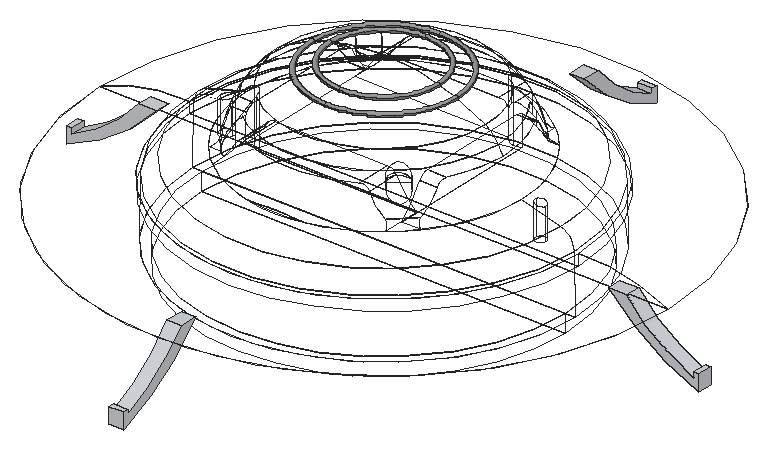
Revit family "Maxlogic détecteur de montage encastrée", category Fire Alarm Devices, host Face, Revit 2021
Family settings
  Host = Face
  Maintain Annotation Orientation = Yes
  Round Connector Dimension = Use Diameter
  Part Type = Normal
  OmniClass Number = 23.85.30.21
  OmniClass Title = Environmental Detection/Registration
  Cut with Voids When Loaded = No
  Shared = No
  Room Calculation Point = No
Parameters (values of type "Maxlogic Conventionnelle détecteur de multi-capteur,base de montage encastrèe")
  Poids = "141 gr"
  Détection de Radius = "4,5 m"
  Bôitier de montage en surface étanche = "ML-0121"
  Unité de durée de garantie = "Ans"
  Durée de la garantie  de pièces rechange = "2"
  Durée de la travail = "2"
  Version = ""
  URL = "https://www.mavili.com.tr/"
  Socle Montage de Plafond = "ML-0150"
  Numéro de pose des travaux public = "832-109"
  Protection de Classe = ""
  Code de Produit = "ML-2140"
  Numèro de Téléphone = "(+)90 216 466 45 05"
  Voltage de fonctionnement (défaut) = "26 V/DC"
  Voltage Fonction d'opération = "10-30V/DC"
  Tempèrature de Fonctionnement = "(-10°C) - (+50°C)"
  Largeur Nominal = "51 mm"
  Longeur Nominal = "106 mm"
  Hauteur Nominal = "106 mm"
  Cercle de Multi Critière = yes
  Surface de Montage = "Montage à Plafond"
  Hauteur de Montage = ""
  Model = "Maxlogic"
  Manufacturer = "Mavili Elektronik Ticaret A.Ş."
  Cercle de Chaleur = yes
  Manuel d'installation = "https://mavilielektronik.com/Revit/ML21XX_FR.pdf"
  Sortie d'indicateur = "MG-4000"
  Numèro de Fax = "(+)90 216 466 45 10"
  Alimentation d'externe = ""
  E-poste = "mavili@mavili.com.tr"
  Avertissement = ""
  Charger adresse d'appareil = ""
  Description = "Maxlogic Conventionnelle détecteur de multi-capteur ,base de montage encastrèe"
  Default Elevation = 0 mm
  Current de Consommation = ""
  Coût Unité = ""
  Cost = 0
  Socles Compatible  2 = "ML-0141"
  Socles Compatible = "ML-0140"
  Couleur = "Blanc"
  Code de Performance = "EN 54-5 / EN 54-7"
  Matèriel Principe = "Plastique Blanche PC/ABS"
  Deuxième Matèriel = "Plastique"
  Adresse ligne 1 = "Şerifali Mahallesi Kutup Sokak No:27/1-2-4 Ümraniye TR-34775 İSTANBUL"
Types (11, lengths in mm): name | Poids | Détection de Radius | Numéro de pose des travaux public | Code de Produit | Voltage Fonction d'opération | Cercle de Multi Critière | Surface de Montage | Cercle de Chaleur | Manuel d'installation | Sortie d'indicateur | Charger adresse d'appareil | Description | Code de Performance
  (no name) | "141 gr" | "4,5 m" | "832-109" | "ML-2140" | "10-30V/DC" | yes | "Montage à Plafond" | yes | "https://mavilielektronik.com/Revit/ML21XX_FR.pdf" | "MG-4000" | "" | "Maxlogic Conventionnelle détecteur de multi-capteur ,base de montage encastrèe" | "EN 54-5 / EN 54-7"
  Maxlogic Conventionnelle Détecteur de fumée optique  ,base de montage encastrèe | "140 gr" | "6,2 m" | "832-106" | "ML-2110" | "10-30V/DC" | no | "Montage à Plafond" | no | "https://mavilielektronik.com/Revit/ML21XX_FR.pdf" | "MG-4000" | "" | "Maxlogic Conventionnelle Détecteur de fumée optique  ,base de montage encastrèe" | "EN 54-7"
  Maxlogic Adressable Détecteur de fumée optique ,base de montage encastrèe | "100 gr" | "6,2 m" | "833-500" | "ML-1110" | "18-33V/DC" | no | "Montage à Plafond" | no | "https://mavilielektronik.com/Revit/ML11XX_FR.pdf" | "MG-4000.A" | "Appareil d'adressage à Main" | "Adressable Détecteur de fumée optique ,base de montage encastrèe" | "EN 54-7"
  Maxlogic Adressable Détecteur de fumée optique  ,base de montage encastrèe,Isolateur de Court-Circuit | "100 gr" | "6,2 m" | "833-501" | "ML-1110.SCI" | "18-33V/DC" | no | "Montage à Plafond" | no | "https://mavilielektronik.com/Revit/ML11XX_FR.pdf" | "MG-4000.A" | "Appareil d'adressage à Main" | "Adressable Détecteur de fumée optique  ,base de montage encastrèe,Isolateur de Court-Circuit" | "EN 54-7 / EN 54-17"
  Maxlogic Conventionnelle  Détecteur de chaleur fixe ,base de montage encastrèe | "135 gr" | "4,5 m" | "832-102" | "ML-2120" | "10-30V/DC" | no | "Montage à Plafond" | yes | "https://mavilielektronik.com/Revit/ML21XX_FR.pdf" | "MG-4000" | "" | "Maxlogic Conventionnelle Détecteur de chaleur fixe ,base de montage encastrèe" | "EN 54-5"
  Maxlogic Conventionnelle Détecteur de chaleurbase de montage encastrèe | "135 gr" | "4,5 m" | "832-103" | "ML-2130" | "10-30V/DC" | no | "Montage à Mur" | yes | "https://mavilielektronik.com/Revit/ML21XX_FR.pdf" | "MG-4000" | "" | "Détecteur de chaleur conventionelle,base de montage encastrèe" | "EN 54-5"
  Maxlogic Adressable Détecteur de chaleur combiné ,base de montage encastrèe | "95 gr" | "4,5 m" | "833-520" | "ML-1130" | "18-33V/DC" | no | "Montage à Plafond" | yes | "https://mavilielektronik.com/Revit/ML11XX_FR.pdf" | "MG-4000.A" | "Appareil d'adressage à Main" | "Détecteur de  chaleur combiné adressable,base de montage encastrèe" | "EN 54-5"
  Maxlogic Adressable Détecteur de chaleur combiné ,base de montage encastrèe,Isolateur de Court-Circuit | "95 gr" | "4,5 m" | "833-521" | "ML-1130.SCI" | "18-33V/DC" | no | "Montage à Plafond" | yes | "https://mavilielektronik.com/Revit/ML11XX_FR.pdf" | "MG-4000.A" | "Appareil d'adressage à Main" | "Maxlogic Détecteur de  chaleur combiné adressable,base de montage encastrèe,Isolateur de Court-Circuit" | "EN 54-5 / EN 54-17"
  Maxlogic Conventionnelle détecteur de multi-capteur,base de montage encastrèe | "141 gr" | "4,5 m" | "832-109" | "ML-2140" | "10-30V/DC" | yes | "Montage à Plafond" | yes | "https://mavilielektronik.com/Revit/ML21XX_FR.pdf" | "MG-4000" | "" | "Maxlogic Conventionnelle détecteur de multi-capteur ,base de montage encastrèe" | "EN 54-5 / EN 54-7"
  Maxlogic Adressable détecteur de multi-capteur  ,base de montage encastrèe , base de montage encastrèe | "100 gr" | "4,5 m" | "833-530" | "ML-1140" | "18-33V/DC" | yes | "Montage à Plafond" | yes | "https://mavilielektronik.com/Revit/ML11XX_FR.pdf" | "MG-4000.A" | "Appareil d'adressage à Main" | "Maxlogic détecteur de multi-capteur Adressable ,base de montage encastrèe , base de montage encastrèe" | "EN 54-5 / EN 54-7 / EN 54-17"
  Maxlogic Adressable détecteur de multi-capteur ,base de montage encastrèe , base de montage encastrèe,Isolateur de Court-Circuit | "100 gr" | "4,5 m" | "833-531" | "ML-1140.SCI" | "18-33V/DC" | yes | "Montage à Plafond" | yes | "https://mavilielektronik.com/Revit/ML11XX_FR.pdf" | "MG-4000.A" | "Appareil d'adressage à Main" | "Détecteur de multi-capteur Adressable ,base de montage encastrèe , base de montage encastrèe,Isolateur de Court-Circuit" | "EN 54-5 / EN 54-7 / EN 54-17"
Reference planes
  plane 1 "Center (Front/Back)": y = 0
  plane 2: z = 0
  plane 3 "Center (Left/Right)": x = 0
Forms (mm)
  Revolve 1, solid, material "Mavili beyaz"
    sketch origin (0, 0, -16) x (1, 0, 0) y (0, 0, 1)
      loop
        line (-52.919, 5) -> (0, 5) -> (0, 51.518)
        arc (0, 51.518) -> (-14.553, 49.716) -> (-28.057, 44) r 53.06
        arc (-28.057, 44) -> (-30.023, 42.467) -> (-31.557, 40.5) r 10.149
        arc (-31.557, 40.5) -> (-33.994, 35.835) -> (-35.524, 30.799) r 28.268
        arc (-35.524, 30.799) -> (-36.595, 29.67) -> (-38, 29) r 4.27
        line (-38, 29) -> (-48.929, 26.072)
        arc (-48.929, 26.072) -> (-51.575, 24.32) -> (-52.634, 21.329) r 5
        line (-52.634, 21.329) -> (-52.919, 5)
      axis (0, 5) -> (0, 51.518)
    angle from 0 to 360
  Revolve 2, solid, material "Mavili beyaz"
    sketch origin (-150, 0, -16) x (1, 0, 0) y (0, 0, 1)
      loop
        line (99.626, 5) -> (99.626, 0) -> (149.926, 0) -> (149.926, 5) -> (99.626, 5)
      axis (149.926, 0) -> (149.926, 5)
    angle from 0 to 360
  Extrusion 3, void
    sketch origin (-0.604, 5.6, -16) x (0, -1, 0) y (0, 0, 1)
      loop
        spline (-12.932, 36.606) -> (-13.32, 35.909) -> (-13.72, 35.223) -> (-14.132, 34.547) -> (-14.556, 33.882) -> (-14.992, 33.229) -> (-15.439, 32.588) -> (-15.897, 31.958) -> (-16.366, 31.341) -> (-16.847, 30.737) -> (-17.338, 30.145) -> (-17.839, 29.566) -> (-18.351, 29)
        line (-18.351, 29) -> (29.551, 29)
        spline (29.551, 29) -> (28.951, 29.556) -> (28.363, 30.124) -> (27.786, 30.704) -> (27.219, 31.297) -> (26.664, 31.901) -> (26.121, 32.516) -> (25.589, 33.143) -> (25.07, 33.781) -> (24.562, 34.43) -> (24.067, 35.09) -> (23.585, 35.759) -> (23.115, 36.439)
        spline (23.115, 36.439) -> (22.965, 36.668) -> (22.796, 36.886) -> (22.611, 37.091) -> (22.411, 37.28) -> (22.199, 37.451) -> (21.978, 37.602) -> (21.751, 37.73) -> (21.521, 37.835) -> (21.289, 37.914) -> (21.06, 37.967) -> (20.837, 37.993) -> (20.618, 38)
        line (20.618, 38) -> (-10.439, 37.994)
        spline (-10.439, 37.994) -> (-10.678, 37.983) -> (-10.918, 37.951) -> (-11.159, 37.897) -> (-11.397, 37.822) -> (-11.63, 37.727) -> (-11.856, 37.613) -> (-12.072, 37.481) -> (-12.276, 37.332) -> (-12.466, 37.169) -> (-12.64, 36.992) -> (-12.796, 36.804) -> (-12.932, 36.606)
    from 23.347 to 38.235
  Extrusion 4, void
    sketch origin (5.6, -13.629, -16) x (-1, 0, 0) y (0, 0, -1)
      loop
        spline (-12.932, -36.606) -> (-12.796, -36.804) -> (-12.64, -36.992) -> (-12.466, -37.169) -> (-12.276, -37.332) -> (-12.072, -37.481) -> (-11.856, -37.613) -> (-11.63, -37.727) -> (-11.397, -37.822) -> (-11.159, -37.897) -> (-10.918, -37.951) -> (-10.678, -37.983) -> (-10.439, -37.994)
        line (-10.439, -37.994) -> (20.618, -38)
        spline (20.618, -38) -> (20.837, -37.993) -> (21.06, -37.967) -> (21.289, -37.914) -> (21.521, -37.835) -> (21.751, -37.73) -> (21.978, -37.602) -> (22.199, -37.451) -> (22.411, -37.28) -> (22.611, -37.091) -> (22.796, -36.886) -> (22.965, -36.668) -> (23.115, -36.439)
        spline (23.115, -36.439) -> (23.585, -35.759) -> (24.067, -35.09) -> (24.562, -34.43) -> (25.07, -33.781) -> (25.589, -33.143) -> (26.121, -32.516) -> (26.664, -31.901) -> (27.219, -31.297) -> (27.786, -30.704) -> (28.363, -30.124) -> (28.951, -29.556) -> (29.551, -29)
        line (29.551, -29) -> (-18.351, -29)
        spline (-18.351, -29) -> (-17.839, -29.566) -> (-17.338, -30.145) -> (-16.847, -30.737) -> (-16.366, -31.341) -> (-15.897, -31.958) -> (-15.439, -32.588) -> (-14.992, -33.229) -> (-14.556, -33.882) -> (-14.132, -34.547) -> (-13.72, -35.223) -> (-13.32, -35.909) -> (-12.932, -36.606)
    from 5.109 to 23.424
  Extrusion 5, void
    sketch origin (5.6, 59.203, -16) x (-1, 0, 0) y (0, 0, 1)
      loop
        spline (-12.932, 36.606) -> (-13.32, 35.909) -> (-13.72, 35.223) -> (-14.132, 34.547) -> (-14.556, 33.882) -> (-14.992, 33.229) -> (-15.439, 32.588) -> (-15.897, 31.958) -> (-16.366, 31.341) -> (-16.847, 30.737) -> (-17.338, 30.145) -> (-17.839, 29.566) -> (-18.351, 29)
        line (-18.351, 29) -> (29.551, 29)
        spline (29.551, 29) -> (28.951, 29.556) -> (28.363, 30.124) -> (27.786, 30.704) -> (27.219, 31.297) -> (26.664, 31.901) -> (26.121, 32.516) -> (25.589, 33.143) -> (25.07, 33.781) -> (24.562, 34.43) -> (24.067, 35.09) -> (23.585, 35.759) -> (23.115, 36.439)
        spline (23.115, 36.439) -> (22.965, 36.668) -> (22.796, 36.886) -> (22.611, 37.091) -> (22.411, 37.28) -> (22.199, 37.451) -> (21.978, 37.602) -> (21.751, 37.73) -> (21.521, 37.835) -> (21.289, 37.914) -> (21.06, 37.967) -> (20.837, 37.993) -> (20.618, 38)
        line (20.618, 38) -> (-10.439, 37.994)
        spline (-10.439, 37.994) -> (-10.678, 37.983) -> (-10.918, 37.951) -> (-11.159, 37.897) -> (-11.397, 37.822) -> (-11.63, 37.727) -> (-11.856, 37.613) -> (-12.072, 37.481) -> (-12.276, 37.332) -> (-12.466, 37.169) -> (-12.64, 36.992) -> (-12.796, 36.804) -> (-12.932, 36.606)
    from -39.5 to -20.535
  Extrusion 6, void
    sketch origin (39.396, 5.6, -16) x (0, -1, 0) y (0, 0, 1)
      loop
        spline (-12.932, 36.606) -> (-13.32, 35.909) -> (-13.72, 35.223) -> (-14.132, 34.547) -> (-14.556, 33.882) -> (-14.992, 33.229) -> (-15.439, 32.588) -> (-15.897, 31.958) -> (-16.366, 31.341) -> (-16.847, 30.737) -> (-17.338, 30.145) -> (-17.839, 29.566) -> (-18.351, 29)
        line (-18.351, 29) -> (29.551, 29)
        spline (29.551, 29) -> (28.951, 29.556) -> (28.363, 30.124) -> (27.786, 30.704) -> (27.219, 31.297) -> (26.664, 31.901) -> (26.121, 32.516) -> (25.589, 33.143) -> (25.07, 33.781) -> (24.562, 34.43) -> (24.067, 35.09) -> (23.585, 35.759) -> (23.115, 36.439)
        spline (23.115, 36.439) -> (22.965, 36.668) -> (22.796, 36.886) -> (22.611, 37.091) -> (22.411, 37.28) -> (22.199, 37.451) -> (21.978, 37.602) -> (21.751, 37.73) -> (21.521, 37.835) -> (21.289, 37.914) -> (21.06, 37.967) -> (20.837, 37.993) -> (20.618, 38)
        line (20.618, 38) -> (-10.439, 37.994)
        spline (-10.439, 37.994) -> (-10.678, 37.983) -> (-10.918, 37.951) -> (-11.159, 37.897) -> (-11.397, 37.822) -> (-11.63, 37.727) -> (-11.856, 37.613) -> (-12.072, 37.481) -> (-12.276, 37.332) -> (-12.466, 37.169) -> (-12.64, 36.992) -> (-12.796, 36.804) -> (-12.932, 36.606)
    from 0.766 to 15.446
  Extrusion 7, void
    sketch origin (1.322, 1.416, -12) x (0.087156, -0.996195, 0) y (-0.996195, -0.087156, 0)
      loop
        spline (16.87, 24.595) -> (16.963, 24.272) -> (17.107, 23.921) -> (17.305, 23.553) -> (17.56, 23.185) -> (17.87, 22.83) -> (18.224, 22.508) -> (18.612, 22.228) -> (19.022, 21.999) -> (19.436, 21.825) -> (19.839, 21.707) -> (20.213, 21.639) -> (20.55, 21.615)
        arc (20.55, 21.615) -> (22.96, 22.422) -> (24.65, 24.318) r 4.946
        spline (24.65, 24.318) -> (24.838, 24.591) -> (24.975, 24.904) -> (25.062, 25.252) -> (25.095, 25.63) -> (25.076, 26.032) -> (25.004, 26.452) -> (24.88, 26.884) -> (24.706, 27.321) -> (24.484, 27.757) -> (24.219, 28.185) -> (23.914, 28.599) -> (23.573, 28.992)
        spline (23.573, 28.992) -> (23.149, 29.264) -> (22.709, 29.497) -> (22.26, 29.69) -> (21.807, 29.839) -> (21.358, 29.942) -> (20.919, 29.998) -> (20.495, 30.005) -> (20.094, 29.964) -> (19.72, 29.875) -> (19.379, 29.74) -> (19.075, 29.561) -> (18.814, 29.339)
        arc (18.814, 29.339) -> (17.158, 27.248) -> (16.87, 24.595) r 4.815
    from -45.772 to -25
  Extrusion 8, void
    sketch origin (-1.322, -1.416, -12) x (-0.087156, 0.996195, 0) y (0.996195, 0.087156, 0)
      loop
        spline (16.87, 24.595) -> (16.963, 24.272) -> (17.107, 23.921) -> (17.305, 23.553) -> (17.56, 23.185) -> (17.87, 22.83) -> (18.224, 22.508) -> (18.612, 22.228) -> (19.022, 21.999) -> (19.436, 21.825) -> (19.839, 21.707) -> (20.213, 21.639) -> (20.55, 21.615)
        arc (20.55, 21.615) -> (22.96, 22.422) -> (24.65, 24.318) r 4.946
        spline (24.65, 24.318) -> (24.838, 24.591) -> (24.975, 24.904) -> (25.062, 25.252) -> (25.095, 25.63) -> (25.076, 26.032) -> (25.004, 26.452) -> (24.88, 26.884) -> (24.706, 27.321) -> (24.484, 27.757) -> (24.219, 28.185) -> (23.914, 28.599) -> (23.573, 28.992)
        spline (23.573, 28.992) -> (23.149, 29.264) -> (22.709, 29.497) -> (22.26, 29.69) -> (21.807, 29.839) -> (21.358, 29.942) -> (20.919, 29.998) -> (20.495, 30.005) -> (20.094, 29.964) -> (19.72, 29.875) -> (19.379, 29.74) -> (19.075, 29.561) -> (18.814, 29.339)
        arc (18.814, 29.339) -> (17.158, 27.248) -> (16.87, 24.595) r 4.815
    from -45.772 to -25
  Revolve 9, solid, material "Glass"
    sketch origin (0.301, -0.834, 20.83) x (0.996195, 0.087156, 0) y (-0.087156, 0.996195, 0)
      loop
        spline (-18.665, 27.53) -> (-19.251, 27.95) -> (-19.899, 28.27) -> (-20.595, 28.463) -> (-21.318, 28.496) -> (-22.023, 28.338) -> (-22.649, 27.979) -> (-23.134, 27.443) -> (-23.439, 26.785) -> (-23.559, 26.071) -> (-23.516, 25.347) -> (-23.339, 24.648) -> (-23.047, 23.981)
        spline (-23.047, 23.981) -> (-22.978, 23.855) -> (-22.905, 23.731) -> (-22.829, 23.609) -> (-22.75, 23.49) -> (-22.667, 23.372) -> (-22.58, 23.258) -> (-22.491, 23.145) -> (-22.398, 23.036) -> (-22.303, 22.929) -> (-22.204, 22.824) -> (-22.103, 22.722) -> (-21.998, 22.624)
        line (-21.998, 22.624) -> (-17.511, 26.168)
        spline (-17.511, 26.168) -> (-17.589, 26.296) -> (-17.67, 26.421) -> (-17.755, 26.544) -> (-17.843, 26.665) -> (-17.935, 26.783) -> (-18.03, 26.898) -> (-18.128, 27.01) -> (-18.229, 27.12) -> (-18.334, 27.227) -> (-18.441, 27.331) -> (-18.552, 27.432) -> (-18.665, 27.53)
      axis (-21.998, 22.624) -> (-17.511, 26.168)
    angle from 172.048 to -180
  Revolve 10, solid, material "Glass"
    sketch origin (-0.301, 0.834, 20.83) x (-0.996195, -0.087156, 0) y (0.087156, -0.996195, 0)
      loop
        spline (-18.665, 27.53) -> (-19.251, 27.95) -> (-19.899, 28.27) -> (-20.595, 28.463) -> (-21.318, 28.496) -> (-22.023, 28.338) -> (-22.649, 27.979) -> (-23.134, 27.443) -> (-23.439, 26.785) -> (-23.559, 26.071) -> (-23.516, 25.347) -> (-23.339, 24.648) -> (-23.047, 23.981)
        spline (-23.047, 23.981) -> (-22.978, 23.855) -> (-22.905, 23.731) -> (-22.829, 23.609) -> (-22.75, 23.49) -> (-22.667, 23.372) -> (-22.58, 23.258) -> (-22.491, 23.145) -> (-22.398, 23.036) -> (-22.303, 22.929) -> (-22.204, 22.824) -> (-22.103, 22.722) -> (-21.998, 22.624)
        line (-21.998, 22.624) -> (-17.511, 26.168)
        spline (-17.511, 26.168) -> (-17.589, 26.296) -> (-17.67, 26.421) -> (-17.755, 26.544) -> (-17.843, 26.665) -> (-17.935, 26.783) -> (-18.03, 26.898) -> (-18.128, 27.01) -> (-18.229, 27.12) -> (-18.334, 27.227) -> (-18.441, 27.331) -> (-18.552, 27.432) -> (-18.665, 27.53)
      axis (-21.998, 22.624) -> (-17.511, 26.168)
    angle from 172.048 to -180
  Sweep 11, solid, material "Mavili siyah.1", visible <- "Cercle de Chaleur"
    path origin (0, 0, 33.5) x (0, 1, 0) y (-1, 0, 0)
      loop
        arc (14.84, 0.029) -> (10.47, 10.578) -> (-0.079, 14.948) r 14.919
        arc (-0.079, 14.948) -> (-10.638, 10.574) -> (-15.012, 0.015) r 14.932
        arc (-15.012, 0.015) -> (-10.638, -10.543) -> (-0.079, -14.917) r 14.932
        arc (-0.079, -14.917) -> (10.479, -10.538) -> (14.84, 0.029) r 14.919
    profile origin (10.538, 10.479, 33.5) x (0.706483, 0.70773, 0) y (0, 0, 1)
      loop
        circle (0, 0) r 0.5
  Sweep 12, solid, material "Mavili siyah.1", visible <- "Cercle de Multi Critière"
    path origin (0, 0, 32.025) x (0, 1, 0) y (-1, 0, 0)
      loop
        arc (19.793, 0.005) -> (13.97, 14.063) -> (-0.088, 19.886) r 19.881
        arc (-0.088, 19.886) -> (-14.145, 14.063) -> (-19.968, 0.006) r 19.88
        arc (-19.968, 0.006) -> (-14.143, -14.057) -> (-0.079, -19.882) r 19.889
        arc (-0.079, -19.882) -> (13.978, -14.057) -> (19.793, 0.005) r 19.872
    profile origin (14.057, 13.978, 32.025) x (0.706832, 0.707382, 0) y (0, 0, 1)
      loop
        circle (0, 0) r 0.5
  Extrusion 13, void
    sketch origin (0, 0, 13) x (0, 1, 0) y (-1, 0, 0)
      loop
        circle (-2.981, 41.129) r 2
      loop
        circle (2.823, -41.129) r 1.5
    from 0 to -10
  Revolve 14, solid, material "Mavili beyaz"
    sketch origin (-14.86, -0.002, -23) x (0, 0, 1) y (-1, 0, 0)
      loop
        line (23, -14.86) -> (23, -93.56)
        arc (23, -93.56) -> (27.173, -81.372) -> (28.19, -68.53) r 51.479
        line (28.19, -68.53) -> (25.036, -68.53) -> (25.036, -14.86) -> (23, -14.86)
      axis (28.19, -14.86) -> (23, -14.86)
    angle from 0 to -360
  Extrusion 15, solid
    sketch origin (-1854.86, -0.002, -23) x (0, 0, 1) y (-1, 0, 0)
      loop
        line (23, -1922.328) -> (23, -1917.328)
        arc (23, -1917.328) -> (12.989, -1928.762) -> (6.137, -1942.328) r 60.593
        line (6.137, -1942.328) -> (10.433, -1942.328) -> (10.433, -1940.845) -> (9.063, -1940.845)
        arc (9.063, -1940.845) -> (14.882, -1930.721) -> (23, -1922.328) r 47.361
      loop
        arc (23, -1787.393) -> (14.882, -1779) -> (9.063, -1768.876) r 47.361
        line (9.063, -1768.876) -> (10.433, -1768.876) -> (10.433, -1767.393) -> (6.137, -1767.393)
        arc (6.137, -1767.393) -> (12.989, -1780.959) -> (23, -1792.393) r 60.593
        line (23, -1792.393) -> (23, -1787.393)
    from 0.489 to -3.501
  Extrusion 16, solid
    sketch origin (1.506, -1850.718, -22) x (0, 0, 1) y (0, -1, 0)
      loop
        line (23, -1922.328) -> (23, -1917.328)
        arc (23, -1917.328) -> (12.989, -1928.762) -> (6.137, -1942.328) r 60.593
        line (6.137, -1942.328) -> (10.433, -1942.328) -> (10.433, -1940.845) -> (9.063, -1940.845)
        arc (9.063, -1940.845) -> (14.882, -1930.721) -> (23, -1922.328) r 47.361
      loop
        arc (23, -1778.126) -> (14.882, -1769.733) -> (9.063, -1759.609) r 47.361
        line (9.063, -1759.609) -> (10.433, -1759.609) -> (10.433, -1758.126) -> (6.137, -1758.126)
        arc (6.137, -1758.126) -> (12.989, -1771.692) -> (23, -1783.126) r 60.593
        line (23, -1783.126) -> (23, -1778.126)
    from 0.489 to -3.501
Cuts and joins
  Extrusion 3, Extrusion 4, Extrusion 5, Extrusion 6, Extrusion 7, Extrusion 8, Extrusion 13 cuts Revolve 1
Dimensions and locks
  radius of Sweep 11 sketch curve = 0.5 mm
  aligned and locked: plane 2 to host face
  aligned and locked: level to host face
